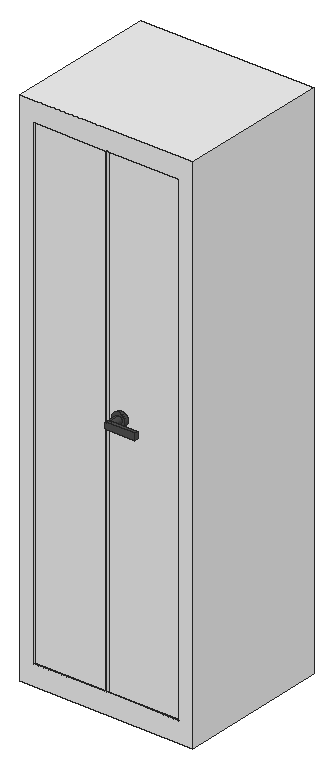
Revit family
Parameters (values of type "36" x 18" x 72"")
  Assembly Code = "E2020200"
  Depth = 1' - 10.44094"
  Material = Metal - Steel
  Height = 6' - 5.95276"
  Width = 2' - 1.59055"
Reference planes (in)
  plane 1 "Center F/B": y = 0
  plane 2: z = 0
  plane 3 "Center L/R": x = 0
  plane 4: x = -12.79528
  plane 5: x = 12.79528
  plane 6: y = -11.22047
  plane 7: y = 11.22047
  plane 8: z = 77.95276
  plane 9: through (3.4806, 0, 39.78347) normal (-0.0872, 0, -0.9962)
  plane 10: x = 2.00562
  plane 11: z = 40
Forms (in)
  Extrusion 1, solid, material "Metal - Steel" <- "Material"
    sketch origin (0, 0, 0) x (1, 0, 0) y (0, 1, 0)
      loop
        line (-12.79528, -11.22047) -> (12.79528, -11.22047) -> (12.79528, 11.22047) -> (-12.79528, 11.22047) -> (-12.79528, -11.22047)
    from 0 to 77.95276
  Extrusion 2, void
    sketch origin (-12.79528, -11.22047, 77.95276) x (0, 0, -1) y (1, 0, 0)
      loop
        line (74.95276, 12.92028) -> (74.95276, 23.59055) -> (3, 23.59055) -> (3, 12.92028) -> (74.95276, 12.92028)
    from -0.25 to 0
  Extrusion 3, void
    sketch origin (-12.79528, -11.22047, 77.95276) x (0, 0, -1) y (1, 0, 0)
      loop
        line (3, 2) -> (74.95276, 2) -> (74.95276, 12.67028) -> (3, 12.67028) -> (3, 2)
    from -0.25 to 0
  Extrusion 4, solid, material "Metal - Chrome"
    sketch origin (-12.79528, -11.22047, 77.95276) x (0, 0, -1) y (1, 0, 0)
      loop
        circle (37.95276, 14.8009) r 1
    from -0.25 to 0.25
  Extrusion 5, solid, material "Metal - Chrome"
    sketch origin (-12.79528, -11.47047, 77.95276) x (0, 0, -1) y (1, 0, 0)
      loop
        circle (37.95276, 14.8009) r 0.5
    from 0 to 1.5
  Extrusion 6, solid, material "Metal - Chrome"
    sketch origin (-12.79528, -12.97047, 77.95276) x (0, 0, -1) y (1, 0, 0)
      loop
        arc (37.45276, 14.8009) -> (37.95276, 14.3009) -> (38.45276, 14.8009) r 0.5
        line (38.45276, 14.8009) -> (38.45276, 18.8009) -> (37.45276, 18.8009) -> (37.45276, 14.8009)
    from 0 to 0.5
Cuts and joins
  Extrusion 2, Extrusion 3 cuts Extrusion 1
Lines and regions (in)
  symbolic lines
    curve 1: line (-12.79528, 11.22047, 0) -> (12.79528, 11.22047, 0)
    curve 2: line (-12.79528, -11.22047, 0) -> (-12.79528, 11.22047, 0)
    curve 3: line (12.79528, -11.22047, 0) -> (-12.79528, -11.22047, 0)
    curve 4: line (12.79528, 11.22047, 0) -> (12.79528, -11.22047, 0)
Dimensions and locks (in)
  equal spacing: plane 4, plane 3 "Center L/R", plane 5
  equal spacing: plane 6, plane 1 "Center F/B", plane 7
  "Depth": plane 7 to plane 6
  "Width": plane 4 to plane 5
  "Height": plane 8 to plane 2
  locked: Extrusion 2 sketch curve to plane 2 at 3
  locked: plane 8 to Extrusion 2 sketch curve at 3
  locked: Extrusion 2 sketch curve to plane 3 "Center L/R" at 0.125
  locked: Extrusion 3 sketch curve to plane 4 at 2
  locked: plane 3 "Center L/R" to Extrusion 3 sketch curve at 0.125
  locked: plane 5 to Extrusion 2 sketch curve at 2
  Extrusion 4 sketch curve to plane 3 "Center L/R" = 0' - 2.00562"
  locked: Extrusion 4 sketch curve to plane 2 at 40
  locked: Extrusion 6 sketch curve to Extrusion 6 sketch curve at 0.5
  aligned and locked: plane 7 to curve 1
  aligned and locked: curve 4 to plane 5
  aligned and locked: plane 6 to curve 3
  aligned and locked: plane 4 to curve 2
  aligned and locked: Extrusion 1 sketch curve to plane 4
  aligned and locked: Extrusion 1 sketch curve to plane 7
  aligned and locked: plane 5 to Extrusion 1 sketch curve
  aligned and locked: Extrusion 1 sketch curve to plane 6
  aligned and locked: Extrusion 1 to plane 8
  aligned and locked: Extrusion 3 sketch curve to cut or joined group of Extrusion 1, Extrusion 2, Extrusion 3
  aligned and locked: cut or joined group of Extrusion 1, Extrusion 2, Extrusion 3 to Extrusion 3 sketch curve
  aligned and locked: Extrusion 5 to Extrusion 4
  aligned and locked: Extrusion 6 to Extrusion 5
Automatic sketch dimensions
  Extrusion 4 sketch curve to Extrusion 4 sketch curve = 0' - 1"
  Extrusion 5 sketch curve to plane 10 = 0' - 0"
  Extrusion 5 sketch curve to plane 11 = 0' - 0"
  Extrusion 5 sketch curve to Extrusion 5 sketch curve = 0' - 0 1/2"
  plane 3 "Center L/R" to Extrusion 6 sketch curve = 0' - 2.00562"
  Extrusion 6 sketch curve to Extrusion 6 sketch curve = 0' - 4"
  level to Extrusion 6 sketch curve = 3' - 4 1/2"
